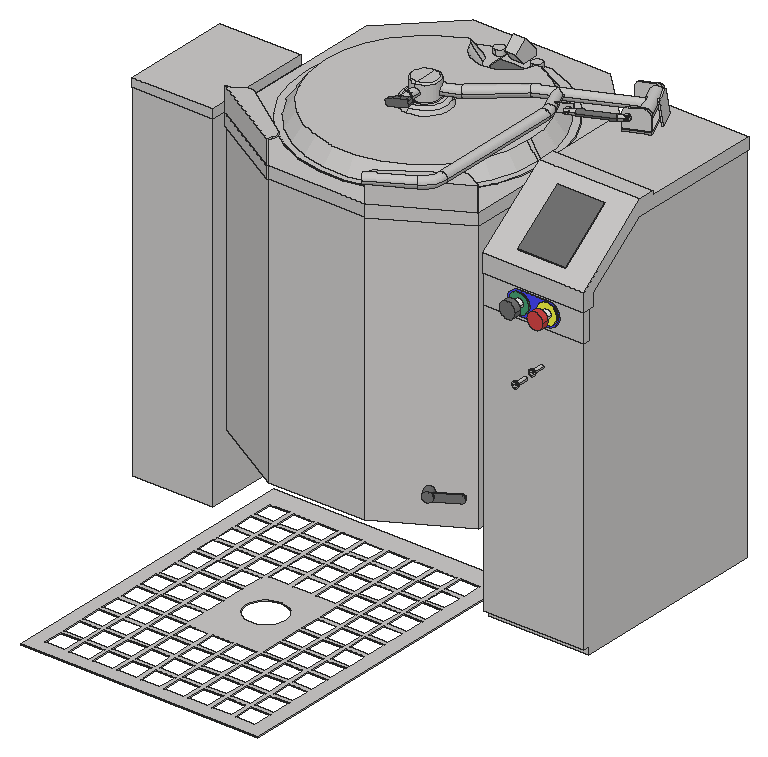
Revit family "QF_DIETATEC_C-CLASSIC_80_180516032309", category Specialty Equipment, Revit 2015 (continued)
Definition of nested family "QF_Dietatec_C-CLASSIC_80_FL"
  Lines and regions (mm)
    symbolic lines
      curve 246: line (553.5, -1114.5, 0) -> (553.5, -1064.5, 0)
      curve 247: line (563.5, -1114.5, 0) -> (613.5, -1114.5, 0)
      curve 248: line (563.5, -1064.5, 0) -> (563.5, -1114.5, 0)
      curve 249: line (613.5, -1064.5, 0) -> (563.5, -1064.5, 0)
      curve 250: line (613.5, -1114.5, 0) -> (613.5, -1064.5, 0)
      curve 251: line (83.5, -1054.5, 0) -> (133.5, -1054.5, 0)
      curve 252: line (83.5, -1004.5, 0) -> (83.5, -1054.5, 0)
      curve 253: line (133.5, -1004.5, 0) -> (83.5, -1004.5, 0)
      curve 254: line (133.5, -1054.5, 0) -> (133.5, -1004.5, 0)
      curve 255: line (143.5, -1054.5, 0) -> (193.5, -1054.5, 0)
      curve 256: line (143.5, -1004.5, 0) -> (143.5, -1054.5, 0)
      curve 257: line (193.5, -1004.5, 0) -> (143.5, -1004.5, 0)
      curve 258: line (193.5, -1054.5, 0) -> (193.5, -1004.5, 0)
      curve 259: line (203.5, -1054.5, 0) -> (253.5, -1054.5, 0)
      curve 260: line (203.5, -1004.5, 0) -> (203.5, -1054.5, 0)
      curve 261: line (253.5, -1004.5, 0) -> (203.5, -1004.5, 0)
      curve 262: line (253.5, -1054.5, 0) -> (253.5, -1004.5, 0)
      curve 263: line (263.5, -1054.5, 0) -> (313.5, -1054.5, 0)
      curve 264: line (263.5, -1004.5, 0) -> (263.5, -1054.5, 0)
      curve 265: line (313.5, -1004.5, 0) -> (263.5, -1004.5, 0)
      curve 266: line (313.5, -1054.5, 0) -> (313.5, -1004.5, 0)
      curve 267: line (323.5, -1054.5, 0) -> (373.5, -1054.5, 0)
      curve 268: line (323.5, -1004.5, 0) -> (323.5, -1054.5, 0)
      curve 269: line (373.5, -1004.5, 0) -> (323.5, -1004.5, 0)
      curve 270: line (373.5, -1054.5, 0) -> (373.5, -1004.5, 0)
      curve 271: line (383.5, -1054.5, 0) -> (433.5, -1054.5, 0)
      curve 272: line (383.5, -1004.5, 0) -> (383.5, -1054.5, 0)
      curve 273: line (433.5, -1004.5, 0) -> (383.5, -1004.5, 0)
      curve 274: line (433.5, -1054.5, 0) -> (433.5, -1004.5, 0)
      curve 275: line (443.5, -1054.5, 0) -> (493.5, -1054.5, 0)
      curve 276: line (443.5, -1004.5, 0) -> (443.5, -1054.5, 0)
      curve 277: line (493.5, -1004.5, 0) -> (443.5, -1004.5, 0)
      curve 278: line (493.5, -1054.5, 0) -> (493.5, -1004.5, 0)
      curve 279: line (503.5, -1054.5, 0) -> (553.5, -1054.5, 0)
      curve 280: line (503.5, -1004.5, 0) -> (503.5, -1054.5, 0)
      curve 281: line (553.5, -1004.5, 0) -> (503.5, -1004.5, 0)
      curve 282: line (553.5, -1054.5, 0) -> (553.5, -1004.5, 0)
      curve 283: line (563.5, -1054.5, 0) -> (613.5, -1054.5, 0)
      curve 284: line (563.5, -1004.5, 0) -> (563.5, -1054.5, 0)
      curve 285: line (613.5, -1004.5, 0) -> (563.5, -1004.5, 0)
      curve 286: line (613.5, -1054.5, 0) -> (613.5, -1004.5, 0)
      curve 287: line (83.5, -994.5, 0) -> (133.5, -994.5, 0)
      curve 288: line (83.5, -944.5, 0) -> (83.5, -994.5, 0)
      curve 289: line (133.5, -944.5, 0) -> (83.5, -944.5, 0)
      curve 290: line (133.5, -994.5, 0) -> (133.5, -944.5, 0)
      curve 291: line (143.5, -994.5, 0) -> (193.5, -994.5, 0)
      curve 292: line (143.5, -944.5, 0) -> (143.5, -994.5, 0)
      curve 293: line (193.5, -944.5, 0) -> (143.5, -944.5, 0)
      curve 294: line (193.5, -994.5, 0) -> (193.5, -944.5, 0)
      curve 295: line (203.5, -994.5, 0) -> (253.5, -994.5, 0)
      curve 296: line (203.5, -944.5, 0) -> (203.5, -994.5, 0)
      curve 297: line (253.5, -944.5, 0) -> (203.5, -944.5, 0)
      curve 298: line (253.5, -994.5, 0) -> (253.5, -944.5, 0)
      curve 299: line (443.5, -994.5, 0) -> (493.5, -994.5, 0)
      curve 300: line (443.5, -944.5, 0) -> (443.5, -994.5, 0)
      curve 301: line (493.5, -944.5, 0) -> (443.5, -944.5, 0)
      curve 302: line (493.5, -994.5, 0) -> (493.5, -944.5, 0)
      curve 303: line (503.5, -994.5, 0) -> (553.5, -994.5, 0)
      curve 304: line (503.5, -944.5, 0) -> (503.5, -994.5, 0)
      curve 305: line (553.5, -944.5, 0) -> (503.5, -944.5, 0)
      curve 306: line (553.5, -994.5, 0) -> (553.5, -944.5, 0)
      curve 307: line (563.5, -994.5, 0) -> (613.5, -994.5, 0)
      curve 308: line (563.5, -944.5, 0) -> (563.5, -994.5, 0)
      curve 309: line (613.5, -944.5, 0) -> (563.5, -944.5, 0)
      curve 310: line (613.5, -994.5, 0) -> (613.5, -944.5, 0)
      curve 311: line (83.5, -934.5, 0) -> (133.5, -934.5, 0)
      curve 312: line (83.5, -884.5, 0) -> (83.5, -934.5, 0)
      curve 313: line (133.5, -884.5, 0) -> (83.5, -884.5, 0)
      curve 314: line (133.5, -934.5, 0) -> (133.5, -884.5, 0)
      curve 315: line (143.5, -934.5, 0) -> (193.5, -934.5, 0)
      curve 316: line (143.5, -884.5, 0) -> (143.5, -934.5, 0)
      curve 317: line (193.5, -884.5, 0) -> (143.5, -884.5, 0)
      curve 318: line (193.5, -934.5, 0) -> (193.5, -884.5, 0)
      curve 319: line (203.5, -934.5, 0) -> (253.5, -934.5, 0)
      curve 320: line (203.5, -884.5, 0) -> (203.5, -934.5, 0)
      curve 321: line (253.5, -884.5, 0) -> (203.5, -884.5, 0)
      curve 322: line (253.5, -934.5, 0) -> (253.5, -884.5, 0)
      curve 323: line (443.5, -934.5, 0) -> (493.5, -934.5, 0)
      curve 324: line (443.5, -884.5, 0) -> (443.5, -934.5, 0)
      curve 325: line (493.5, -884.5, 0) -> (443.5, -884.5, 0)
      curve 326: line (493.5, -934.5, 0) -> (493.5, -884.5, 0)
      curve 327: line (503.5, -934.5, 0) -> (553.5, -934.5, 0)
      curve 328: line (503.5, -884.5, 0) -> (503.5, -934.5, 0)
      curve 329: line (553.5, -884.5, 0) -> (503.5, -884.5, 0)
      curve 330: line (553.5, -934.5, 0) -> (553.5, -884.5, 0)
      curve 331: line (563.5, -934.5, 0) -> (613.5, -934.5, 0)
      curve 332: line (563.5, -884.5, 0) -> (563.5, -934.5, 0)
      curve 333: line (613.5, -884.5, 0) -> (563.5, -884.5, 0)
      curve 334: line (613.5, -934.5, 0) -> (613.5, -884.5, 0)
      curve 335: line (83.5, -874.5, 0) -> (133.5, -874.5, 0)
      curve 336: line (83.5, -824.5, 0) -> (83.5, -874.5, 0)
      curve 337: line (133.5, -824.5, 0) -> (83.5, -824.5, 0)
      curve 338: line (133.5, -874.5, 0) -> (133.5, -824.5, 0)
      curve 339: line (143.5, -874.5, 0) -> (193.5, -874.5, 0)
      curve 340: line (143.5, -824.5, 0) -> (143.5, -874.5, 0)
      curve 341: line (193.5, -824.5, 0) -> (143.5, -824.5, 0)
      curve 342: line (193.5, -874.5, 0) -> (193.5, -824.5, 0)
      curve 343: line (203.5, -874.5, 0) -> (253.5, -874.5, 0)
      curve 344: line (203.5, -824.5, 0) -> (203.5, -874.5, 0)
      curve 345: line (253.5, -824.5, 0) -> (203.5, -824.5, 0)
      curve 346: line (253.5, -874.5, 0) -> (253.5, -824.5, 0)
      curve 347: line (443.5, -874.5, 0) -> (493.5, -874.5, 0)
      curve 348: line (443.5, -824.5, 0) -> (443.5, -874.5, 0)
      curve 349: line (493.5, -824.5, 0) -> (443.5, -824.5, 0)
      curve 350: line (493.5, -874.5, 0) -> (493.5, -824.5, 0)
      curve 351: line (503.5, -874.5, 0) -> (553.5, -874.5, 0)
      curve 352: line (503.5, -824.5, 0) -> (503.5, -874.5, 0)
      curve 353: line (553.5, -824.5, 0) -> (503.5, -824.5, 0)
      curve 354: line (553.5, -874.5, 0) -> (553.5, -824.5, 0)
      curve 355: line (563.5, -874.5, 0) -> (613.5, -874.5, 0)
      curve 356: line (563.5, -824.5, 0) -> (563.5, -874.5, 0)
      curve 357: line (613.5, -824.5, 0) -> (563.5, -824.5, 0)
      curve 358: line (613.5, -874.5, 0) -> (613.5, -824.5, 0)
      curve 359: line (83.5, -814.5, 0) -> (133.5, -814.5, 0)
      curve 360: line (83.5, -764.5, 0) -> (83.5, -814.5, 0)
      curve 361: line (133.5, -764.5, 0) -> (83.5, -764.5, 0)
      curve 362: line (133.5, -814.5, 0) -> (133.5, -764.5, 0)
      curve 363: line (143.5, -814.5, 0) -> (193.5, -814.5, 0)
      curve 364: line (143.5, -764.5, 0) -> (143.5, -814.5, 0)
      curve 365: line (193.5, -764.5, 0) -> (143.5, -764.5, 0)
      curve 366: line (193.5, -814.5, 0) -> (193.5, -764.5, 0)
      curve 367: line (203.5, -814.5, 0) -> (253.5, -814.5, 0)
      curve 368: line (203.5, -764.5, 0) -> (203.5, -814.5, 0)
      curve 369: line (253.5, -764.5, 0) -> (203.5, -764.5, 0)
      curve 370: line (253.5, -814.5, 0) -> (253.5, -764.5, 0)
      curve 371: line (443.5, -814.5, 0) -> (493.5, -814.5, 0)
      curve 372: line (443.5, -764.5, 0) -> (443.5, -814.5, 0)
      curve 373: line (493.5, -764.5, 0) -> (443.5, -764.5, 0)
      curve 374: line (493.5, -814.5, 0) -> (493.5, -764.5, 0)
      curve 375: line (503.5, -814.5, 0) -> (553.5, -814.5, 0)
      curve 376: line (503.5, -764.5, 0) -> (503.5, -814.5, 0)
      curve 377: line (553.5, -764.5, 0) -> (520.361, -764.5, 0)
      curve 378: line (553.5, -814.5, 0) -> (553.5, -764.5, 0)
      curve 379: line (563.5, -814.5, 0) -> (613.5, -814.5, 0)
      curve 380: line (563.5, -764.5, 0) -> (563.5, -814.5, 0)
      curve 381: line (613.5, -764.5, 0) -> (563.5, -764.5, 0)
      curve 382: line (613.5, -814.5, 0) -> (613.5, -764.5, 0)
      curve 383: line (83.5, -754.5, 0) -> (133.5, -754.5, 0)
      curve 384: line (83.5, -704.5, 0) -> (83.5, -754.5, 0)
      curve 385: line (133.5, -704.5, 0) -> (83.5, -704.5, 0)
      curve 386: line (133.5, -754.5, 0) -> (133.5, -704.5, 0)
      curve 387: line (143.5, -754.5, 0) -> (193.5, -754.5, 0)
      curve 388: line (143.5, -704.5, 0) -> (143.5, -754.5, 0)
      curve 389: line (193.5, -704.5, 0) -> (143.5, -704.5, 0)
      curve 390: line (193.5, -754.5, 0) -> (193.5, -704.5, 0)
      curve 391: line (203.5, -754.5, 0) -> (253.5, -754.5, 0)
      curve 392: line (203.5, -704.5, 0) -> (203.5, -754.5, 0)
      curve 393: line (211.034, -704.5, 0) -> (203.5, -704.5, 0)
      curve 394: line (253.5, -754.5, 0) -> (253.5, -710, 0)
      curve 395: line (263.5, -754.5, 0) -> (313.5, -754.5, 0)
      curve 396: line (263.5, -710, 0) -> (263.5, -754.5, 0)
      curve 397: line (313.5, -754.5, 0) -> (313.5, -710, 0)
      curve 398: line (323.5, -754.5, 0) -> (373.5, -754.5, 0)
      curve 399: line (323.5, -710, 0) -> (323.5, -754.5, 0)
      curve 400: line (373.5, -754.5, 0) -> (373.5, -710, 0)
      curve 401: line (383.5, -754.5, 0) -> (433.5, -754.5, 0)
      curve 402: line (383.5, -710, 0) -> (383.5, -754.5, 0)
      curve 403: line (433.5, -754.5, 0) -> (433.5, -710, 0)
      curve 404: line (443.5, -754.5, 0) -> (493.5, -754.5, 0)
      curve 405: line (443.5, -710, 0) -> (443.5, -754.5, 0)
      curve 406: line (493.5, -704.5, 0) -> (485.966, -704.5, 0)
      curve 407: line (493.5, -754.5, 0) -> (493.5, -704.5, 0)
      curve 408: line (537.681, -754.5, 0) -> (553.5, -754.5, 0)
      curve 409: line (503.5, -704.5, 0) -> (503.5, -745.367, 0)
      curve 410: line (553.5, -704.5, 0) -> (503.5, -704.5, 0)
      curve 411: line (553.5, -754.5, 0) -> (553.5, -745.367, 0)
      curve 412: line (563.5, -754.5, 0) -> (613.5, -754.5, 0)
      curve 413: line (563.5, -704.5, 0) -> (563.5, -710.726, 0)
      curve 414: line (574.284, -704.5, 0) -> (563.5, -704.5, 0)
      curve 415: line (613.5, -754.5, 0) -> (613.5, -710.225, 0)
      curve 416: line (83.5, -694.5, 0) -> (133.5, -694.5, 0)
      curve 417: line (83.5, -644.5, 0) -> (83.5, -694.5, 0)
      curve 418: line (107.111, -644.5, 0) -> (83.5, -644.5, 0)
      curve 419: line (133.5, -694.5, 0) -> (133.5, -659.736, 0)
      curve 420: line (143.5, -694.5, 0) -> (193.713, -694.5, 0)
      curve 421: line (143.5, -665.509, 0) -> (143.5, -694.5, 0)
      curve 422: line (503.287, -694.5, 0) -> (553.5, -694.5, 0)
      curve 423: line (553.5, -694.5, 0) -> (553.5, -665.509, 0)
      curve 424: line (563.5, -694.5, 0) -> (591.604, -694.5, 0)
      curve 425: line (563.5, -659.736, 0) -> (563.5, -694.5, 0)
      curve 426: line (613.5, -644.5, 0) -> (595.852, -644.5, 0)
      curve 427: line (1.5, -526, 0) -> (0, -526, 0)
      curve 428: line (1.5, -526, 0) -> (1.5, -519.5, 0)
      curve 429: line (1.5, -519.5, 0) -> (10, -519.5, 0)
      curve 430: line (10, -519.5, 0) -> (10, -520.45, 0)
      curve 431: line (10, -520.45, 0) -> (24.65, -520.45, 0)
      curve 432: line (24.65, -520.45, 0) -> (24.65, -521.381, 0)
      curve 433: arc (24.65, -521.381, 0) -> (25.866, -521.401, 0) -> (27, -521.838, 0) r 3.478
      curve 434: line (695.5, -426, 0) -> (697, -426, 0)
      curve 435: line (695.5, -426, 0) -> (695.5, -432.5, 0)
      curve 436: line (695.5, -432.5, 0) -> (687, -432.5, 0)
      curve 437: line (687, -432.5, 0) -> (687, -431.55, 0)
      curve 438: line (687, -431.55, 0) -> (672.35, -431.55, 0)
      curve 439: line (672.35, -431.55, 0) -> (672.35, -430.619, 0)
      curve 440: arc (672.35, -430.619, 0) -> (671.134, -430.599, 0) -> (670, -430.162, 0) r 3.478
      curve 441: line (687, -432.5, 0) -> (687, -519.5, 0)
      curve 442: line (695.5, -526, 0) -> (697, -526, 0)
      curve 443: line (695.5, -526, 0) -> (695.5, -519.5, 0)
      curve 444: line (695.5, -519.5, 0) -> (687, -519.5, 0)
      curve 445: line (687, -519.5, 0) -> (687, -520.45, 0)
      curve 446: line (687, -520.45, 0) -> (672.35, -520.45, 0)
      curve 447: line (672.35, -520.45, 0) -> (672.35, -521.381, 0)
      curve 448: arc (672.35, -521.381, 0) -> (671.134, -521.401, 0) -> (670, -521.838, 0) r 3.478
      curve 449: line (553.5, -716.5, 0) -> (553.5, -704.5, 0)
      curve 450: line (563.5, -739.594, 0) -> (563.5, -754.5, 0)
      curve 451: line (507.678, -764.5, 0) -> (503.5, -764.5, 0)
      curve 452: arc (613.294, -660.286, 0) -> (608.26, -679.072, 0) -> (594.508, -692.823, 0) r 37.57
      curve 453: arc (607.378, -714.261, 0) -> (630.043, -691.595, 0) -> (638.34, -660.633, 0) r 61.924
      curve 454: arc (638.34, -336.112, 0) -> (636.849, -322.498, 0) -> (632.446, -309.528, 0) r 62.903
      curve 455: arc (609.948, -320.436, 0) -> (612.447, -327.799, 0) -> (613.294, -335.528, 0) r 35.711
      curve 456: line (655.004, -281.002, 0) -> (625.549, -294.737, 0)
      curve 457: line (626.817, -297.456, 0) -> (656.272, -283.721, 0)
      curve 458: line (656.272, -283.721, 0) -> (655.004, -281.002, 0)
      curve 459: line (640.514, -276.449, 0) -> (644.139, -274.759, 0)
      curve 460: line (653.665, -288.089, 0) -> (644.602, -292.316, 0)
      curve 461: line (653.34, -305.494, 0) -> (658.144, -303.255, 0)
      curve 462: line (666.354, -282.765, 0) -> (672.693, -296.36, 0)
      curve 463: line (740.671, -248.111, 0) -> (747.01, -261.705, 0)
      curve 464: line (640.514, -276.449, 0) -> (640.03, -277.778, 0)
      curve 465: line (640.03, -277.778, 0) -> (643.939, -286.162, 0)
      curve 466: line (644.602, -292.316, 0) -> (643.394, -289.726, 0)
      curve 467: line (644.139, -274.759, 0) -> (645.468, -275.243, 0)
      curve 468: line (645.468, -275.243, 0) -> (649.377, -283.626, 0)
      curve 469: line (653.665, -288.089, 0) -> (652.458, -285.5, 0)
      curve 470: line (653.34, -305.494, 0) -> (652.03, -302.685, 0)
      curve 471: line (648.187, -294.547, 0) -> (646.412, -291.472, 0)
      curve 472: line (658.144, -303.255, 0) -> (656.834, -300.445, 0)
      curve 473: line (653.07, -292.27, 0) -> (651.855, -288.933, 0)
      curve 474: line (644.634, -296.204, 0) -> (667.622, -285.484, 0)
      curve 475: line (648.437, -304.36, 0) -> (671.425, -293.641, 0)
      curve 476: arc (644.634, -296.204, 0) -> (645.287, -300.864, 0) -> (648.437, -304.36, 0) r 8.039
      curve 477: line (666.354, -282.765, 0) -> (740.671, -248.111, 0)
      curve 478: line (672.693, -296.36, 0) -> (747.01, -261.705, 0)
      curve 479: line (764.924, -240.112, 0) -> (741.939, -250.829, 0)
      curve 480: line (768.727, -248.268, 0) -> (745.743, -258.986, 0)
      curve 481: arc (764.924, -240.112, 0) -> (768.071, -243.609, 0) -> (768.727, -248.268, 0) r 8.055
      curve 482: line (761.644, -254.992, 0) -> (766.448, -252.752, 0)
      curve 483: line (766.448, -252.752, 0) -> (765.138, -249.942, 0)
      curve 484: line (761.374, -241.767, 0) -> (760.159, -238.43, 0)
      curve 485: line (761.644, -254.992, 0) -> (760.334, -252.182, 0)
      curve 486: line (756.491, -244.044, 0) -> (754.716, -240.969, 0)
      curve 487: line (752.906, -241.813, 0) -> (761.969, -237.586, 0)
      curve 488: line (761.969, -237.586, 0) -> (760.656, -234.77, 0)
      curve 489: line (752.906, -241.813, 0) -> (751.593, -238.996, 0)
      curve 490: line (748.334, -227.276, 0) -> (748.818, -225.947, 0)
      curve 491: line (748.818, -225.947, 0) -> (752.443, -224.256, 0)
      curve 492: line (752.443, -224.256, 0) -> (753.772, -224.74, 0)
      curve 493: line (753.772, -224.74, 0) -> (757.153, -231.99, 0)
      curve 494: line (748.334, -227.276, 0) -> (751.715, -234.526, 0)
      curve 495: line (613.294, -651.772, 0) -> (603.362, -657.506, 0)
      curve 496: line (638.34, -643.085, 0) -> (648.5, -637.219, 0)
      curve 497: line (638.34, -616.527, 0) -> (648.5, -610.661, 0)
      curve 498: arc (638.34, -443.415, 0) -> (645.949, -405.039, 0) -> (648.5, -366, 0) r 300
      curve 499: arc (579.884, -244.312, 0) -> (524.124, -168.466, 0) -> (444.788, -117.796, 0) r 256.929
      curve 500: arc (620.853, -225.207, 0) -> (542.845, -122.461, 0) -> (428.9, -61.974, 0) r 300
      curve 501: line (727.182, -203.21, 0) -> (745.248, -241.955, 0)
      curve 502: arc (415.5, -60.145, 0) -> (422.262, -60.605, 0) -> (428.9, -61.974, 0) r 50
      curve 503: arc (406.018, -352.971, 0) -> (397.26, -399.174, 0) -> (357.5, -424.284, 0) r 58.975
      curve 504: arc (333.5, -88.405, 0) -> (323.7, -89.108, 0) -> (313.931, -90.158, 0) r 278
  Dimensions and locks
    plane 5 "Front" to plane 1 "Back" = 769.992 mm
    plane 3 "Left" to plane 4 "Right" = 950.5 mm
    Extrusion 41 to Extrusion 41 = 1153.5 mm
    aligned and locked: level to plane 2
  Connectors
    electrical at (803.5, -97.5, 120), driven by "Apparent Power", driven by "Volts", driven by "Number of Poles"
      settings: on Extrusion 44, index 4, voltage 400 V, apparent load 0 VA, apparent load phase1 13500 VA, apparent load phase2 0 VA, apparent load phase3 0 VA, power factor 1, load classification none, number of poles 3, system type 31, power factor state 1, is connector primary yes, connector utility no, sub classification motor no, connector description "electrical connection"
    piping at (873.5, -97.5, 120), diameter 12.7, driven by "Cold Water Size", driven by "Cold Water Flow"
      settings: on Extrusion 43, index 5, connector inside diameter 609.6 mm, connector length 0 mm, flow factor 0, pipe flow 0.0 L/s, pressure drop 0.0 Pa, fitting loss kfactor 0, connector angle 0.00°, fixture units 0, engagement length 0 mm, angle of deflection 0.00°, flow configuration 1, flow direction 1, fitting loss method 0, system type 20, joint type 0, gender type 0, connector reference index -1, connector utility 0, adjustable connector no, is connector primary yes, connector description "water inlet"
Definition of nested family "QF_Dietatec_KETTLE_LEFT_LEG"
  Parameters (values of type "KETTLE_LEFT_LEG")
    Width [instance] = 0 mm
    Weight in Pounds = 0
    URL Cutsheet = "www.dietatec.com"
    URL = "www.dietatec.com"
    Status [instance] = ""
    Specification by User [instance] = ""
    Specification by Manufacturer = ""
    Show Logo [instance] = yes
    Show Clearance [instance] = yes
    Serial Number = ""
    Seismic Rating = ""
    SMACNA No = ""
    Revision Code [instance] = ""
    NAFEM Spec ID Number = ""
    Model = "KETTLE_LEFT_LEG"
    Masterspec = ""
    Manufacturer = "DIETATEC"
    ListPrice [instance] = 0
    Item Number [instance] = ""
    Installed By [instance] = ""
    Identify Quantity as Lot [instance] = no
    Height [instance] = 0 mm
    Furnished By [instance] = ""
    Foodservice Equipment Identifier [instance] = yes
    Description = "LEFT LEG OF C-CLASSIC AND CELER MODELS"
    Depth [instance] = 0 mm
    CSI MasterFormat = ""
    Assembly Code = "E1090320"
  Reference planes
    plane 1 "Back": y = 0
    plane 2: z = 0
    plane 3 "Left": x = 0
    plane 4 "Right": x = 1153.5
    plane 5 "Front": y = -770
    plane 6 "Top": z = 1000
  Forms (mm)
    Extrusion 1, solid
      sketch origin (-203, 0, 0) x (1, 0, 0) y (0, 1, 0)
        loop
          line (201.5, -326) -> (1.5, -326) -> (1.5, -601) -> (201.5, -601) -> (201.5, -326)
      from 0 to 880
    Extrusion 2, solid
      sketch origin (-1081.5, -472.5, -153) x (1, 0, 0) y (0, 0, 1)
        loop
          circle (930, 278) r 15
      from -150 to -146.5
    Extrusion 3, solid
      sketch origin (-981.5, -472.5, -153) x (1, 0, 0) y (0, 0, 1)
        loop
          circle (930, 278) r 15
      from -150 to -146.5
    Extrusion 4, solid
      sketch origin (-203, 0, 880) x (1, 0, 0) y (0, 1, 0)
        loop
          line (203, -324.5) -> (0, -324.5) -> (0, -602.5) -> (203, -602.5) -> (203, -324.5)
      from 0 to 21
  Lines and regions (mm)
    symbolic lines
      curve 1: line (0, -324.5, 0) -> (-203, -324.5, 0)
      curve 2: line (0, -602.5, 0) -> (0, -324.5, 0)
      curve 3: line (-203, -602.5, 0) -> (0, -602.5, 0)
      curve 4: line (-203, -324.5, 0) -> (-203, -602.5, 0)
  Dimensions and locks
    plane 3 "Left" to plane 4 "Right" = 1153.5 mm
    plane 5 "Front" to plane 1 "Back" = 770 mm
    aligned and locked: level to plane 2
